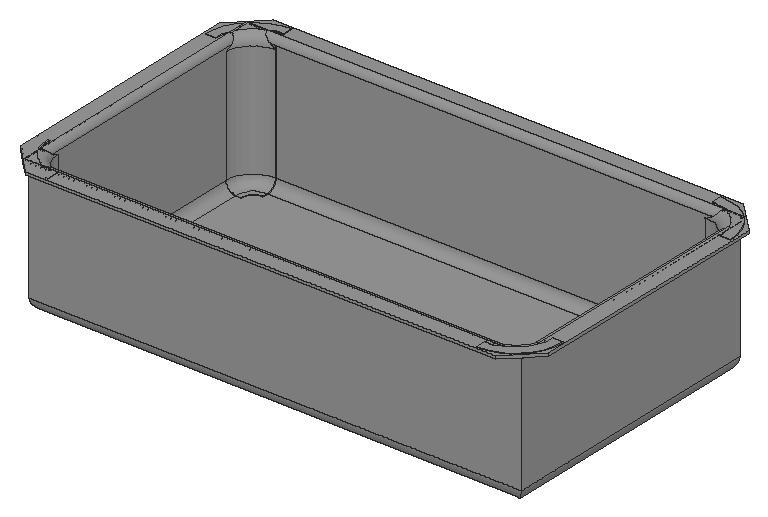
Revit family "ELLIPSE 80.5x75cm OT2011002", category Generic Models, host Face, Revit 2014
Parameters
  MODELO = "ELLIPSE"
  MARCA = "WASSER"
  EMPRESA = "CHC COMERCIAL HISPANO CHILENA"
  Default Elevation = 1219.2 mm
  DIMENSIONES = "80.5X75CM"
  CÓDIGO = "OT2011002"
  ACCESORIO = "FREGADERO"
Reference planes
  plane 1 "Center (Front/Back)": y = 0
  plane 2: z = 0
  plane 3 "Center (Left/Right)": x = 0
  plane 4: x = -402.5
  plane 5: y = 235
  plane 6: x = 402.5
  plane 7: y = -235
  plane 8: y = 207.5
  plane 9: x = 375
  plane 10: y = -207.5
  plane 11: x = -375
  plane 12: z = 145
  plane 13: z = 210
  plane 14: x = -60
  plane 15: x = -45
  plane 16: x = -25.5
  plane 17: through (0, 0, 1219.2) normal (-0.7071, 0.7071, 0)
Forms (mm)
  Sweep 1, solid, material "Stainless Steel AISI 304"
    path origin (0, 0, 0) x (1, 0, 0) y (0, 1, 0)
      loop
        line (-375, 207.5) -> (-375, -207.5) -> (375, -207.5) -> (375, 207.5) -> (-375, 207.5)
    profile origin (0, 207.5, 0) x (0, 1, 0) y (0, 0, 1)
      loop
        arc (0, 200) -> (1.464, 203.536) -> (5, 205) r 5
        line (5, 205) -> (27.5, 205) -> (27.5, 210) -> (4.676, 210)
        arc (4.676, 210) -> (-2.395, 207.071) -> (-5.324, 200) r 10
        line (-5.324, 200) -> (-5.324, 20)
        arc (-5.324, 20) -> (-9.717, 9.393) -> (-20.324, 5) r 15
        line (-20.324, 5) -> (-138.839, 5) -> (-138.839, 0) -> (-20, 0)
        arc (-20, 0) -> (-5.858, 5.858) -> (0, 20) r 20
        line (0, 20) -> (0, 200)
  Extrusion 2, solid, material "Stainless Steel AISI 304"
    sketch origin (0, 0, 0) x (1, 0, 0) y (0, 1, 0)
      loop
        line (-236.161, 68.661) -> (-236.161, -68.661) -> (236.161, -68.661) -> (236.161, 68.661) -> (-236.161, 68.661)
    from 0 to 5
  Extrusion 3, void
    sketch origin (-190, 0, 0) x (1, 0, 0) y (0, 1, 0)
      loop
        line (-212.5, 235) -> (-212.5, 190) -> (-167.5, 235) -> (-212.5, 235)
    from 205 to 210
  Revolve 4, solid, material "Stainless Steel AISI 304"
    sketch origin (-230.023, 159.989, 0) x (1, 0, 0) y (0, 0, 1)
      loop
        line (-154.676, 210.002) -> (-169.889, 210.002) -> (-169.889, 204.874) -> (-156.911, 204.874)
        arc (-156.911, 204.874) -> (-145.597, 200.187) -> (-140.911, 188.874) r 16
        line (-140.911, 188.874) -> (-140.911, 19.844)
        arc (-140.911, 19.844) -> (-137.195, 8.409) -> (-126.211, 3.518) r 14.781
        line (-126.211, 3.518) -> (-116.211, 3.518) -> (-116.211, 5) -> (-124.676, 5)
        arc (-124.676, 5) -> (-135.283, 9.393) -> (-139.676, 20) r 15
        line (-139.676, 20) -> (-139.676, 195.002)
        arc (-139.676, 195.002) -> (-144.069, 205.608) -> (-154.676, 210.002) r 15
      axis (-97.486, 210.002) -> (-97.486, 3.518)
    angle from -0.645 to 90.299
  Extrusion 5, void
    sketch origin (190, 0, 0) x (-1, 0, 0) y (0, -1, 0)
      loop
        line (-212.5, -235) -> (-167.5, -235) -> (-212.5, -190) -> (-212.5, -235)
    from 205 to 210
  Revolve 6, solid, material "Stainless Steel AISI 304"
    sketch origin (229.989, 159.984, 0) x (-1, 0, 0) y (0, 0, -1)
      loop
        arc (-154.676, -210.009) -> (-144.069, -205.615) -> (-139.676, -195.009) r 15
        line (-139.676, -195.009) -> (-139.676, -20)
        arc (-139.676, -20) -> (-135.283, -9.393) -> (-124.676, -5) r 15
        line (-124.676, -5) -> (-116.211, -5) -> (-116.211, -3.518) -> (-126.211, -3.518)
        arc (-126.211, -3.518) -> (-137.195, -8.409) -> (-140.911, -19.844) r 14.781
        line (-140.911, -19.844) -> (-140.911, -188.629)
        arc (-140.911, -188.629) -> (-145.597, -199.942) -> (-156.911, -204.629) r 16
        line (-156.911, -204.629) -> (-169.889, -204.629) -> (-169.889, -210.009) -> (-154.676, -210.009)
      axis (-97.486, -210.009) -> (-97.486, -3.518)
    angle from -0.645 to 90.299
  Extrusion 7, void
    sketch origin (190, 0, 0) x (-1, 0, 0) y (0, -1, 0)
      loop
        line (-212.5, 235) -> (-212.5, 190) -> (-167.5, 235) -> (-212.5, 235)
    from 205 to 210
  Revolve 8, solid, material "Stainless Steel AISI 304"
    sketch origin (229.987, -159.986, 0) x (-1, 0, 0) y (0, 0, 1)
      loop
        line (-154.676, 210.009) -> (-169.889, 210.009) -> (-169.889, 204.731) -> (-156.911, 204.731)
        arc (-156.911, 204.731) -> (-145.597, 200.045) -> (-140.911, 188.731) r 16
        line (-140.911, 188.731) -> (-140.911, 19.844)
        arc (-140.911, 19.844) -> (-137.195, 8.409) -> (-126.211, 3.518) r 14.781
        line (-126.211, 3.518) -> (-116.211, 3.518) -> (-116.211, 5) -> (-124.676, 5)
        arc (-124.676, 5) -> (-135.283, 9.393) -> (-139.676, 20) r 15
        line (-139.676, 20) -> (-139.676, 195.009)
        arc (-139.676, 195.009) -> (-144.069, 205.615) -> (-154.676, 210.009) r 15
      axis (-97.486, 210.009) -> (-97.486, 3.518)
    angle from -0.645 to 90.299
  Extrusion 9, void
    sketch origin (-190, 0, 0) x (1, 0, 0) y (0, 1, 0)
      loop
        line (-212.5, -235) -> (-167.5, -235) -> (-212.5, -190) -> (-212.5, -235)
    from 205 to 210
  Revolve 10, solid, material "Stainless Steel AISI 304"
    sketch origin (-230.005, -159.979, 0) x (1, 0, 0) y (0, 0, -1)
      loop
        arc (-154.676, -210) -> (-144.069, -205.607) -> (-139.676, -195) r 15
        line (-139.676, -195) -> (-139.676, -20)
        arc (-139.676, -20) -> (-135.283, -9.393) -> (-124.676, -5) r 15
        line (-124.676, -5) -> (-116.211, -5) -> (-116.211, -3.518) -> (-126.211, -3.518)
        arc (-126.211, -3.518) -> (-137.195, -8.409) -> (-140.911, -19.844) r 14.781
        line (-140.911, -19.844) -> (-140.911, -188.891)
        arc (-140.911, -188.891) -> (-145.597, -200.205) -> (-156.911, -204.891) r 16
        line (-156.911, -204.891) -> (-169.889, -204.891) -> (-169.889, -210) -> (-154.676, -210)
      axis (-97.486, -210) -> (-97.486, -3.518)
    angle from -0.645 to 90.299
  Revolve 11, void
    sketch origin (0, 0, 0) x (1, 0, 0) y (0, 0, 1)
      loop
        line (-60, 5) -> (-60, 3.876) -> (-45.698, 3.626)
        arc (-45.698, 3.626) -> (-45.204, 3.414) -> (-45, 2.916) r 0.71
        line (-45, 2.916) -> (-45, 0) -> (0, 0) -> (0, 5) -> (-60, 5)
      axis (0, 5) -> (0, 0)
    angle from 0 to 360
  Revolve 12, solid, material "Stainless Steel AISI 304"
    sketch origin (0, 0, 0) x (1, 0, 0) y (0, 0, 1)
      loop
        line (-45, 0) -> (-25.5, 0) -> (-25.5, 1.933) -> (-44.448, 1.933)
        arc (-44.448, 1.933) -> (-44.848, 2.24) -> (-45, 2.721) r 0.839
        line (-45, 2.721) -> (-45, 0)
      axis (0, 2.721) -> (0, 0)
    angle from 0 to 360
  Revolve 13, solid, material "Stainless Steel AISI 304"
    sketch origin (0, 0, 0) x (1, 0, 0) y (0, 0, 1)
      loop
        line (-25.386, 0) -> (0, 0) -> (0, 2.376) -> (-24.852, 1.942)
        arc (-24.852, 1.942) -> (-25.23, 1.78) -> (-25.386, 1.399) r 0.543
        line (-25.386, 1.399) -> (-25.386, 0)
      axis (0, 0) -> (0, 2.376)
    angle from 0 to 360
  Extrusion 14, void
    sketch origin (0, 0, 0) x (1, 0, 0) y (0, 1, 0)
      loop
        circle (0, 0) r 5
      loop
        line (-5.339, 18.741) -> (-0.761, 7.987)
        arc (-0.761, 7.987) -> (0, 7.484) -> (0.761, 7.987) r 0.827
        line (0.761, 7.987) -> (5.293, 18.632)
        arc (5.293, 18.632) -> (5.203, 19.619) -> (4.33, 20.088) r 1.046
        arc (4.33, 20.088) -> (-0.059, 20.59) -> (-4.449, 20.088) r 19.471
        arc (-4.449, 20.088) -> (-5.256, 19.654) -> (-5.339, 18.741) r 0.968
      loop
        arc (-5.339, -18.741) -> (-5.256, -19.654) -> (-4.449, -20.088) r 0.968
        arc (-4.449, -20.088) -> (-0.059, -20.59) -> (4.33, -20.088) r 19.471
        arc (4.33, -20.088) -> (5.203, -19.619) -> (5.293, -18.632) r 1.046
        line (5.293, -18.632) -> (0.761, -7.987)
        arc (0.761, -7.987) -> (0, -7.484) -> (-0.761, -7.987) r 0.827
        line (-0.761, -7.987) -> (-5.339, -18.741)
      loop
        line (-18.741, -5.339) -> (-7.987, -0.761)
        arc (-7.987, -0.761) -> (-7.484, 0) -> (-7.987, 0.761) r 0.827
        line (-7.987, 0.761) -> (-18.632, 5.293)
        arc (-18.632, 5.293) -> (-19.619, 5.203) -> (-20.088, 4.33) r 1.046
        arc (-20.088, 4.33) -> (-20.59, -0.059) -> (-20.088, -4.449) r 19.471
        arc (-20.088, -4.449) -> (-19.654, -5.256) -> (-18.741, -5.339) r 0.968
      loop
        arc (18.741, -5.339) -> (19.654, -5.256) -> (20.088, -4.449) r 0.968
        arc (20.088, -4.449) -> (20.59, -0.059) -> (20.088, 4.33) r 19.471
        arc (20.088, 4.33) -> (19.619, 5.203) -> (18.632, 5.293) r 1.046
        line (18.632, 5.293) -> (7.987, 0.761)
        arc (7.987, 0.761) -> (7.484, 0) -> (7.987, -0.761) r 0.827
        line (7.987, -0.761) -> (18.741, -5.339)
      loop
        line (9.477, 17.028) -> (5.11, 6.186)
        arc (5.11, 6.186) -> (5.292, 5.292) -> (6.186, 5.11) r 0.827
        line (6.186, 5.11) -> (16.918, 9.432)
        arc (16.918, 9.432) -> (17.552, 10.194) -> (17.266, 11.143) r 1.046
        arc (17.266, 11.143) -> (14.517, 14.601) -> (11.059, 17.35) r 19.471
        arc (11.059, 17.35) -> (10.181, 17.614) -> (9.477, 17.028) r 0.968
      loop
        arc (-17.028, -9.477) -> (-17.614, -10.181) -> (-17.35, -11.059) r 0.968
        arc (-17.35, -11.059) -> (-14.601, -14.517) -> (-11.143, -17.266) r 19.471
        arc (-11.143, -17.266) -> (-10.194, -17.552) -> (-9.432, -16.918) r 1.046
        line (-9.432, -16.918) -> (-5.11, -6.186)
        arc (-5.11, -6.186) -> (-5.292, -5.292) -> (-6.186, -5.11) r 0.827
        line (-6.186, -5.11) -> (-17.028, -9.477)
      loop
        line (-17.028, 9.477) -> (-6.186, 5.11)
        arc (-6.186, 5.11) -> (-5.292, 5.292) -> (-5.11, 6.186) r 0.827
        line (-5.11, 6.186) -> (-9.432, 16.918)
        arc (-9.432, 16.918) -> (-10.194, 17.552) -> (-11.143, 17.266) r 1.046
        arc (-11.143, 17.266) -> (-14.601, 14.517) -> (-17.35, 11.059) r 19.471
        arc (-17.35, 11.059) -> (-17.614, 10.181) -> (-17.028, 9.477) r 0.968
      loop
        arc (9.477, -17.028) -> (10.181, -17.614) -> (11.059, -17.35) r 0.968
        arc (11.059, -17.35) -> (14.517, -14.601) -> (17.266, -11.143) r 19.471
        arc (17.266, -11.143) -> (17.552, -10.194) -> (16.918, -9.432) r 1.046
        line (16.918, -9.432) -> (6.186, -5.11)
        arc (6.186, -5.11) -> (5.292, -5.292) -> (5.11, -6.186) r 0.827
        line (5.11, -6.186) -> (9.477, -17.028)
    from 0 to 5
Cuts and joins
  Extrusion 3, Extrusion 5, Extrusion 7, Extrusion 9, Revolve 11 cuts Sweep 1
  Extrusion 3, Extrusion 5, Extrusion 7, Extrusion 9, Revolve 11 cuts Extrusion 2
  joined: Sweep 1, Extrusion 2
  Extrusion 14 cuts Revolve 13
Dimensions and locks
  aligned and locked: plane 2 to host face
  aligned and locked: level to host face
